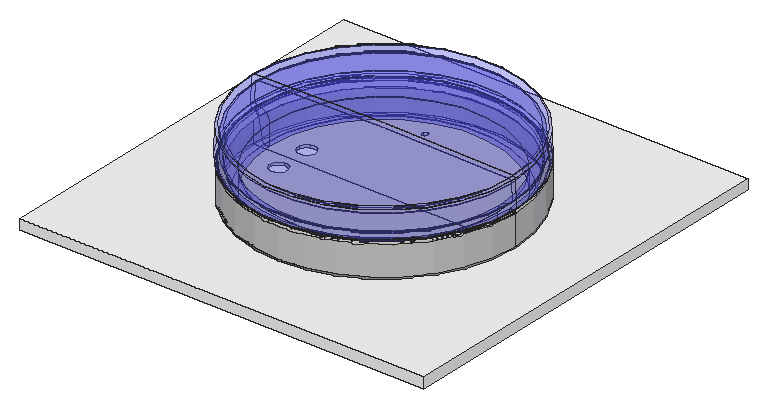
Revit family "BE_12127.2_de_DE", category Leuchten, Revit 2015
Parameters (values of type "BEGA_12127.2_K4")
  built-in parameter 1150104 = 11.053 (stored number, unit not read)
  Wattage = 17.4 W
  Default Elevation = 0 mm
  built-in parameter 1150113 = 1 (stored number, unit not read)
  built-in parameter 1114218 = 1 (stored number, unit not read)
  Umgebungstemperatur = "25 °C"
  URL = "http://www.bega.de/produkt/12127.2"
  Typenkommentare = "© 2017 BEGA. Wir behalten uns das Recht vor, technische Änderungen ohne vorherige Ankündigung vorzunehmen."  # constant formula
  built-in parameter 1150134 = 12
  built-in parameter 1150109 = 1 (stored number, unit not read)
  Strom = ""
  built-in parameter 1150110 = 1 (stored number, unit not read)
  Spannung = 239.996 V
  Sonderanfertigung = no
  Seriennummer [instance] = "Hier können Sie die eindeutige Seriennummer für das Facility Management eintragen."
  Schutzklasse = "I"
  Schutzart = "IP 65"
  Scheinlast = 0 VA
  Produktdatenblatt = "http://www.bega.de/download/Xrfa/db/12127.2.db.de.pdf"
  Oberflächentemperatur = ""
  Neigungswinkel = 0.00°
  Modell = "12127.2K4"
  Material_17 = BEGA_Reflektor
  Material_15 = BEGA_Leuchtmedium_matt
  Material_11 = BEGA_Glas_opal
  Material_09 = BEGA_Glas_klar
  Material_06 = BEGA_Oberfläche_Edelstahl_gebürstet
  Material_05 = BEGA_Oberfläche_Aluminium Guss
  Material_03 = BEGA_Oberfläche_Weiss_matt
  Material_02 = BEGA_Oberfläche_Silber_matt
  Material_01 [instance] = BEGA_Oberfläche_Grafit_matt
  M_W = no
  M_G = no
  M_A = no
  Logo = 0
  built-in parameter 1114217 = 1 (stored number, unit not read)
  built-in parameter 1150139 = (empty or 0)
  built-in parameter 1150105 = 164.73 (stored number, unit not read)
  built-in parameter 1150114 = 1 (stored number, unit not read)
  Lumens = 2070.08 lm
  built-in parameter 1150115 = 1 (stored number, unit not read)
  Leuchtenlichtstrom = "1325 lm"
  Leuchtenanzahl = ""
  Lebensdauerkriterien = "L70 = 50.000 h"
  Lastklassifizierung = Beleuchtung
  built-in parameter 1150112 = 1 (stored number, unit not read)
  Lampenlichtstrom = "2070 lm"
  Lampe = "LED 17.4 W"
  LED_Modulbezeichnung = "LED-0448/840"
  Hersteller = "BEGA"  # constant formula
  Halbstreuwinkel = ""
  Gewicht = "3.3 kg"
  Gebrauchslageneinschränkung [instance] = ""
  Frequenz = "0/50-60 Hz"
  Farbwiedergabeindex = "Ra > 80"
  Farbtemperaturverschiebung bei Dämpfen der Lampe = <Keine Auswahl>
  Farbtemperatur = "4000 K"
  Color Filter = 16777215
  built-in parameter 1150133 = 10 (stored number, unit not read)
  Energieeffizienzklasse = "LED A++ - A"
  built-in parameter 1150137 = (empty or 0)
  built-in parameter 1150132 = (empty or 0)
  ENEC = "ja"
  Dimmbar [instance] = "DALI"
  Datei für fotometrisches Netz = "BE_12127K4.IES"
  CE_Konformität = "ja"
  Bestellnummer = "12127.2K4"
  Beschreibung_Sonderanfertigung = "Hier können Sie Informationen zur Sonderanfertigung eintragen."
  Beschreibung = "Decken- und Wandleuchte"
  built-in parameter 1150106 = 1.6473 (stored number, unit not read)
  Befestigungsbohrung = "Ø 5,5 mm"
  Befestigungsabstand = "190 mm"
  Ballwurfsicher = ""
  BEGA_Intern_aus = yes
  BEGA_Intern_an = yes
  BEGA_Intern_Konstruktion = yes
  BEGA_Intern = yes
  BEGA_IES = yes
  BEGA_Dummy = no
  Anschlussleitung = ""
  Anschlussleistung [instance] = "21 W"
  Anschlusskasten = ""
  built-in parameter 1150107 = 4000 (stored number, unit not read)
  built-in parameter 1150102 = (empty or 0)
  built-in parameter 1150138 = (empty or 0)
  Aktualisierung = "2017-06-16T04:08:16"
  Abstand_zur_angestrahlten_Fläche [instance] = ""
  AC/DC = "AC/DC"
Types (2, lengths in mm): name | built-in parameter 1150104 | built-in parameter 1150134 | Modell | built-in parameter 1150105 | Lumens | Leuchtenlichtstrom | Lampenlichtstrom | LED_Modulbezeichnung | Farbtemperatur | Datei für fotometrisches Netz | Bestellnummer | built-in parameter 1150106 | built-in parameter 1150107
  BEGA_12127.2_K4 | 11.053 (stored number, unit not read) | 12 | "12127.2K4" | 164.73 (stored number, unit not read) | 2070.08 lm | "1325 lm" | "2070 lm" | "LED-0448/840" | "4000 K" | "BE_12127K4.IES" | "12127.2K4" | 1.6473 (stored number, unit not read) | 4000 (stored number, unit not read)
  BEGA_12127.2_K3 | 10.465 (stored number, unit not read) | (empty or 0) | "12127.2" | 155.97 (stored number, unit not read) | 1959.94 lm | "1255 lm" | "1960 lm" | "LED-0448/830" | "3000 K" | "BE_12127.IES" | "12127.2" | 1.5597 (stored number, unit not read) | 3000 (stored number, unit not read)
Reference planes
  plane 1 "Mitte (Vorne/Hinten)": y = 0
  plane 2: z = 0
  plane 3 "Mitte (Links/Rechts)": x = 0
  plane 4 "Links": x = -131.499
  plane 5 "Rechts": x = 131.499
  plane 6 "Unten": y = -131.5
  plane 7 "Oben": y = 131.5
  plane 8 "Vorne": z = 67.043
  plane 9 "Hinten": z = 0
Forms (mm)
  Extrusion 1, solid, material "BEGA_Platte_Weiss"
    sketch origin (0, -1119.2, 0) x (1, 0, 0) y (0, 1, 0)
      loop
        line (-200, 1319.2) -> (-200, 919.2) -> (200, 919.2) -> (200, 1319.2) -> (-200, 1319.2)
    from 0 to -10
  Extrusion 2, solid, material "BEGA_Dummy_matt", visible <- "BEGA_Dummy"
    sketch origin (77.149, -76.023, 0) x (1, 0, 0) y (0, 1, 0)
      loop
        circle (-77.149, 76.023) r 131.499
    from 0 to 67.043
Dimensions and locks
  plane 1 "Mitte (Vorne/Hinten)" to Extrusion 1 = 200 mm
  aligned and locked: plane 2 to Extrusion 1
  aligned and locked: level to Extrusion 1
Nested families
  nested 1: "BE_12127.2" at (0, 0, 0), type "BE_12127.2"
Connectors
  electrical at (0, 0, 0), driven by "Lastklassifizierung", driven by "Spannung", driven by "Scheinlast"
    settings: index 1, voltage 239.996 V, apparent load 0 VA, apparent load phase1 0 VA, apparent load phase2 0 VA, apparent load phase3 0 VA, power factor 1, load classification "Beleuchtung", number of poles 1, system type 31, power factor state 1, is connector primary yes, connector utility no, sub classification motor no, connector description ""
Definition of nested family "BE_12127.2"
  Parameters (values of type "BE_12127.2")
    Default Elevation = 1 mm
    URL = "http://www.bega.de/de/produkt"
    Type Comments = "© 2015 BEGA. Wir behalten uns das Recht vor, technische Änderungen ohne vorherige Ankündigung vorzunehmen. "  # constant formula
    Type Image = (empty or 0)
    Neigungswinkel_um_Z2 = 0.00°
    Neigungswinkel_um_Z1 = 0.00°
    Neigungswinkel_um_Y2 = 0.00°
    Neigungswinkel_um_Y1 = 0.00°
    Neigungswinkel_um_X2 = 0.00°
    Neigungswinkel_um_X1 = 0.00°
    Material_17 = none
    Material_15 = none
    Material_11 = none
    Material_09 = none
    Material_06 = none
    Material_05 = none
    Material_03 = none
    Material_02 = none
    Material_01 = none
    M_W = yes
    M_G = yes
    M_A = yes
    Länge_Platte = 350 mm  # constant formula
    Höhe_Platte = -10 mm  # constant formula
    Manufacturer = "BEGA"  # constant formula
    Drehwinkel_um_Z2 = 0.00°
    Drehwinkel_um_Z1 = 0.00°
    Breite_Platte = 350 mm  # constant formula
  Reference planes
    plane 1 "Mitte (Oben/Unten)": y = 0
    plane 2: z = 0
    plane 3 "Mitte (Links/Rechts)": x = 0
    plane 4: x = -131.499
    plane 5: z = 67.043
    plane 6: x = 131.499
    plane 7: y = -131.5
    plane 8: y = 131.5
  Forms (mm)
    Extrusion 1, solid, detail levels medium
      sketch origin (0, 0, 0) x (1, 0, 0) y (0, 1, 0)
        loop
          line (-175, 175) -> (-175, -175) -> (175, -175) -> (175, 175) -> (-175, 175)
      from 0 to -10 <- "Höhe_Platte"
    Revolve 2, solid, material <- "Material_06", detail levels medium+fine
      sketch origin (0, 0, 0) x (1, 0, 0) y (0, 0, 1)
        loop
          arc (-130.4, 3.5) -> (-129.814, 2.086) -> (-128.4, 1.5) r 2
          line (-128.4, 1.5) -> (0, 1.49) -> (0, 3.5) -> (-128.2, 3.5)
          arc (-128.2, 3.5) -> (-128.907, 3.793) -> (-129.2, 4.5) r 1
          line (-129.2, 4.5) -> (-129.2, 33.002) -> (-124.849, 28.651) -> (-124, 29.499) -> (-128.093, 33.592)
          arc (-128.093, 33.592) -> (-128.532, 33.886) -> (-129.05, 33.99) r 1.35
          arc (-129.05, 33.99) -> (-130.003, 33.596) -> (-130.4, 32.645) r 1.35
          line (-130.4, 32.645) -> (-130.4, 3.5)
        axis (0, 1.49) -> (0, 33.99)
      angle from 0 to 360
    Revolve 3, solid, material <- "Material_06", detail levels medium+fine
      sketch origin (0, 0, 0) x (-0.34202, 0.939693, 0) y (0, 0, 1)
        loop
          arc (-109.291, 0.446) -> (-108.537, 0.114) -> (-107.719, 0) r 3
          line (-107.719, 0) -> (-100, 0) -> (-100, 2.568) -> (-112.733, 2.568) -> (-109.291, 0.446)
        axis (-100, 0) -> (-100, 2.568)
      angle from 0 to 360
    Revolve 4, solid, material <- "Material_06", detail levels medium+fine
      sketch origin (0, 0, 0) x (0.34202, -0.939693, 0) y (0, 0, -1)
        loop
          line (-109.291, -0.446) -> (-112.733, -2.568) -> (-100, -2.568) -> (-100, 0) -> (-107.719, 0)
          arc (-107.719, 0) -> (-108.537, -0.114) -> (-109.291, -0.446) r 3
        axis (-100, 0) -> (-100, -2.568)
      angle from 0 to 360
    Extrusion 5, void
      sketch origin (0, 0, 0) x (1, 0, 0) y (0, 1, 0)
        loop
          circle (-90, -17.5) r 8.455
        loop
          circle (-90, 17.5) r 8.455
        loop
          circle (34.202, -93.969) r 2.75
        loop
          circle (-34.202, 93.969) r 2.75
      from 0 to 10
    Revolve 6, solid, material <- "Material_11", detail levels medium+fine
      sketch origin (0, 0, 0) x (1, 0, 0) y (0, 0, 1)
        loop
          line (-130.588, 63.111) -> (-131.499, 37.036)
          arc (-131.499, 37.036) -> (-130.952, 35.588) -> (-129.535, 34.964) r 2
          line (-129.535, 34.964) -> (-124.456, 34.876) -> (-118.5, 6.5) -> (-112.5, 6.5) -> (-112.5, 26.875)
          arc (-112.5, 26.875) -> (-115.966, 35.311) -> (-124.36, 38.875) r 12
          arc (-124.36, 38.875) -> (-126.497, 39.804) -> (-127.324, 41.983) r 3
          line (-127.324, 41.983) -> (-126.762, 58.054)
          arc (-126.762, 58.054) -> (-125.872, 60.084) -> (-123.83, 60.948) r 3
          arc (-123.83, 60.948) -> (-61.918, 62.105) -> (0, 62.842) r 9145.004
          line (0, 62.842) -> (0, 67.043)
          arc (0, 67.043) -> (-64.321, 66.269) -> (-128.635, 65.044) r 9149.205
          arc (-128.635, 65.044) -> (-129.995, 64.466) -> (-130.588, 63.111) r 2
        axis (0, 6.5) -> (0, 67.043)
      angle from 0 to 360
  Cuts and joins
    Extrusion 5 cuts Revolve 2
    Extrusion 5 cuts Revolve 3
    Extrusion 5 cuts Revolve 4
    joined: Revolve 2, Revolve 3, Revolve 4
  Dimensions and locks
    equal spacing: Extrusion 1 sketch curve, plane 3 "Mitte (Links/Rechts)", Extrusion 1 sketch curve
    equal spacing: Extrusion 1 sketch curve, plane 1 "Mitte (Oben/Unten)", Extrusion 1 sketch curve
    "Länge_Platte": Extrusion 1 sketch curve to Extrusion 1 sketch curve
    "Breite_Platte": Extrusion 1 sketch curve to Extrusion 1 sketch curve
    aligned and locked: plane 2 to Extrusion 1
    aligned and locked: level to Extrusion 1
  Automatic sketch dimensions
    Revolve 2 sketch curve to Revolve 2 sketch curve = 0 mm  (x8)
    Revolve 2 sketch curve to plane 3 "Mitte (Links/Rechts)" = 0 mm  (x2)
    level to Revolve 2 sketch curve = 29.499 mm
    level to Revolve 2 sketch curve = 28.651 mm
    Revolve 2 sketch curve to Revolve 2 sketch curve = 0.849 mm
    level to Revolve 2 sketch curve = 33.592 mm
    Revolve 2 sketch curve to Revolve 2 sketch curve = 4.093 mm
    level to Revolve 2 sketch curve = 4.5 mm
    Revolve 2 sketch curve to Revolve 2 sketch curve = 3.351 mm
    Revolve 2 sketch curve to Revolve 2 sketch curve = 0.2 mm
    Revolve 2 sketch curve to Revolve 2 sketch curve = 0.957 mm
    Revolve 2 sketch curve to Revolve 2 sketch curve = 0.15 mm  (x2)
    Revolve 2 sketch curve to Revolve 2 sketch curve = 1.2 mm
    level to Revolve 2 sketch curve = 1.49 mm
    Revolve 2 sketch curve to Revolve 2 sketch curve = 0.952 mm
    Revolve 2 sketch curve to Revolve 2 sketch curve = 0.005 mm
    Revolve 2 sketch curve to Revolve 2 sketch curve = 0.362 mm
    Revolve 2 sketch curve to Revolve 2 sketch curve = 0.01 mm  (x2)
    Revolve 2 sketch curve to Revolve 2 sketch curve = 1 mm
    Revolve 2 sketch curve to Revolve 2 sketch curve = 1.76 mm
    Revolve 6 sketch curve to Revolve 6 sketch curve = 0 mm  (x9)
    Revolve 6 sketch curve to plane 3 "Mitte (Links/Rechts)" = 0 mm  (x2)
    level to Revolve 6 sketch curve = 6.5 mm
    Revolve 6 sketch curve to Revolve 6 sketch curve = 6 mm
    Revolve 6 sketch curve to Revolve 6 sketch curve = 11.264 mm
    Revolve 6 sketch curve to Revolve 6 sketch curve = 0.561 mm
    level to Revolve 6 sketch curve = 34.876 mm
    Revolve 6 sketch curve to Revolve 6 sketch curve = 0.131 mm
    Revolve 6 sketch curve to Revolve 6 sketch curve = 0.044 mm
    level to Revolve 6 sketch curve = 41.983 mm
    Revolve 6 sketch curve to Revolve 6 sketch curve = 2.998 mm  (x2)
    Revolve 6 sketch curve to Revolve 6 sketch curve = 4.825 mm
    Revolve 6 sketch curve to Revolve 6 sketch curve = 5.044 mm
    Revolve 6 sketch curve to Revolve 6 sketch curve = 1.999 mm  (x2)
    level to Revolve 6 sketch curve = 37.036 mm
    plane 3 "Mitte (Links/Rechts)" to Revolve 6 sketch curve = 77.874 mm
    Revolve 6 sketch curve to level = 9081.831 mm
    Revolve 6 sketch curve to Revolve 6 sketch curve = 8 mm
    Revolve 6 sketch curve to Revolve 6 sketch curve = 0.072 mm
    Revolve 6 sketch curve to Revolve 6 sketch curve = 0.109 mm
    Revolve 6 sketch curve to Revolve 6 sketch curve = 16.075 mm
    level to Revolve 6 sketch curve = 62.842 mm
    Revolve 6 sketch curve to Revolve 6 sketch curve = 5.094 mm
    Revolve 6 sketch curve to Revolve 6 sketch curve = 0.068 mm
    Revolve 6 sketch curve to Revolve 6 sketch curve = 4.201 mm
    Revolve 6 sketch curve to Revolve 6 sketch curve = 0.065 mm
    Revolve 6 sketch curve to Revolve 6 sketch curve = 0.001 mm  (x2)
    Revolve 6 sketch curve to Revolve 6 sketch curve = 0.035 mm  (x2)
    Revolve 6 sketch curve to Revolve 6 sketch curve = 0.045 mm
    level to Revolve 6 sketch curve = 34.964 mm
    Revolve 6 sketch curve to Revolve 6 sketch curve = 0.105 mm
    Revolve 6 sketch curve to Revolve 6 sketch curve = 2.529 mm
    Revolve 6 sketch curve to Revolve 6 sketch curve = 0.706 mm
    Revolve 2 sketch curve to plane 4 = 7.499 mm
    Revolve 6 sketch curve to plane 4 = 18.999 mm
    Extrusion 5 sketch curve to plane 1 "Mitte (Oben/Unten)" = 17.5 mm
    Extrusion 5 sketch curve to plane 4 = 41.499 mm
    Extrusion 5 sketch curve to Extrusion 5 sketch curve = 0 mm
    Extrusion 5 sketch curve to plane 3 "Mitte (Links/Rechts)" = 34.202 mm
    plane 3 "Mitte (Links/Rechts)" to Extrusion 5 sketch curve = 34.202 mm
    plane 1 "Mitte (Oben/Unten)" to Extrusion 5 sketch curve = 17.5 mm
    Extrusion 5 sketch curve to plane 7 = 37.531 mm
    Extrusion 5 sketch curve to plane 8 = 37.531 mm
    level to Revolve 3 sketch curve = 2.568 mm
    level to Revolve 3 sketch curve = 3 mm
    Revolve 3 sketch curve to Revolve 3 sketch curve = 5.014 mm
    Revolve 3 sketch curve to Revolve 3 sketch curve = 7.719 mm
    Revolve 3 sketch curve to level = 0 mm
    level to Revolve 3 sketch curve = 0.446 mm  (x2)
    Revolve 3 sketch curve to Revolve 3 sketch curve = 0.002 mm
    Revolve 3 sketch curve to Revolve 3 sketch curve = 0 mm  (x3)
    level to Revolve 4 sketch curve = 2.568 mm
    level to Revolve 4 sketch curve = 3 mm
    Revolve 4 sketch curve to Revolve 4 sketch curve = 5.014 mm
    Revolve 4 sketch curve to Revolve 4 sketch curve = 7.719 mm
    Revolve 4 sketch curve to level = 0 mm
    level to Revolve 4 sketch curve = 0.446 mm  (x2)
    Revolve 4 sketch curve to Revolve 4 sketch curve = 0.002 mm
    Revolve 4 sketch curve to Revolve 4 sketch curve = 0 mm  (x3)
    radius of Extrusion 5 sketch curve = 8.455 mm  (x2)
    radius of Extrusion 5 sketch curve = 2.75 mm  (x2)
